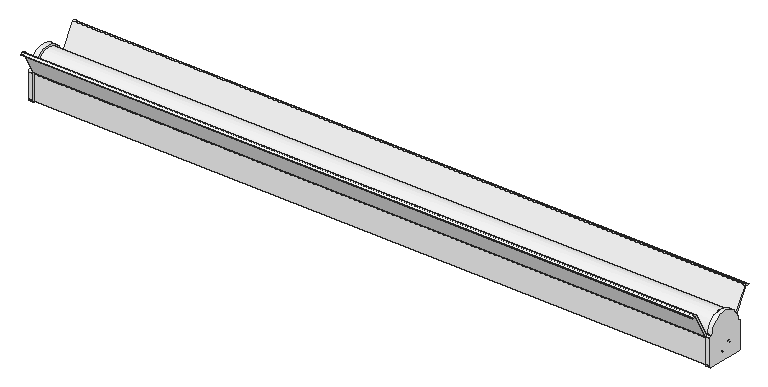
Revit family "0045190+0045233 Feilo Sylvania Lighting Fixture SYLBATTEN LED3 NW DALI TP5 with SYMMETRIC REFLECTOR ACCESSORY 1200MM", category Lighting Fixtures, host Face, Revit 2017
Family settings
  Host = Face
  Round Connector Dimension = Use Diameter
  Part Type = Normal
  OmniClass Number = 23.80.70.00
  OmniClass Title = Lighting
  Cut with Voids When Loaded = No
  Light Source = Yes
  Shared = No
  Room Calculation Point = No
Parameters (values of type "0045190 SYLBATTEN LED3 NW DALI TP5")
  Width_FEILO = 66 mm
  Weight = "2.544 kg"
  Wattage Comments = "n/a"
  Wattage = 26 W
  WarrantyStartDate [instance] = "n/a"
  WarrantyGuarantorParts = "n/a"
  WarrantyDurationUnit = "n/a"
  WarrantyDurationParts = "n/a"
  WarrantyDescription = "n/a"
  built-in parameter 1150110 = 1 (stored number, unit not read)
  Voltage = 230 V
  URL = "http://www.sylvania-lighting.com"
  TypeName = "SYLBATTEN LED3 NW DALI TP5"
  Type Image = <None>
  Type Comments = "n/a"
  built-in parameter 1114217 = 1 (stored number, unit not read)
  Tilt Angle = -90.00°
  built-in parameter 1150109 = 1 (stored number, unit not read)
  built-in parameter 1150134 = 12
  SymReflector_FEILO = yes
  built-in parameter 1150113 = 1 (stored number, unit not read)
  SerialNumber [instance] = "n/a"
  PowerFactor = 0
  PowerConsumption = "26 W"
  Photometric Web File = "0045190+0045233.ies"
  NominalLength = 1205 mm
  NominalHeight = 76 mm
  NominalDepth = 66 mm
  Name = "SYLBATTEN LED3 NW DALI TP5"
  ModelReference = Name  # "SYLBATTEN LED3 NW DALI TP5"
  ModelNumber = "0045190"
  Model = Name  # "SYLBATTEN LED3 NW DALI TP5"
  Material_4_FEILO = Reflector-Sylvania-Sylbatten-White
  Material_3_FEILO = Diffuser-Sylvania-Sylbatten-Glow
  Material_2_FEILO = Body-Sylvania-Sylbatten-White
  Material_1_FEILO = Body-Sylvania-Sylbatten-White
  Material = "sheet steel housing, polycarbonate diffuser"
  ManufacturerName = "Feilo Sylvania"
  Manufacturer = "Feilo Sylvania"
  LuminousEfficacy = "108.1 lm/W"
  built-in parameter 1150105 = 223.76 (stored number, unit not read)
  Lumens = 2811.9 lm
  LuminaireType = ""
  built-in parameter 1150115 = 1 (stored number, unit not read)
  LightOutputRatio = "100"
  built-in parameter 1150137 = (empty or 0)
  built-in parameter 1150139 = (empty or 0)
  Length_FEILO = 1205 mm
  LampsType = Lamp  # "LED"
  LampNominalLuminous = "2812 lm"
  LampMacAdamStep = "n/a"
  LampColourTemperature = "4000 K"
  LampColourRenderingIndex = "80"
  built-in parameter 1150112 = 1 (stored number, unit not read)
  built-in parameter 1150114 = 1 (stored number, unit not read)
  Lamp = "LED"
  Keynote = "16500"
  InstallationDate [instance] = "n/a"
  InputVoltage = "220-240V~"
  InputNominalFrequency = "n/a"
  built-in parameter 1150132 = (empty or 0)
  built-in parameter 1150102 = (empty or 0)
  built-in parameter 1150107 = 4000 (stored number, unit not read)
  built-in parameter 1150138 = (empty or 0)
  IngressProtection = "IP20"
  ImpactProtectionIndex = "IK07"
  built-in parameter 1150106 = 2.2376 (stored number, unit not read)
  IfcExportType = "IfcLightFixtureType"
  IfcExportAs = "IfcLightFixtureType"
  Height_FEILO = 76 mm
  ExpectedLife = 50000
  Emit from Rectangle Width = Length_FEILO - 16 mm  # 1189 mm
  Emit from Rectangle Length = Width_FEILO - 40 mm  # 26 mm
  Emit Shape Visible in Rendering = no
  ElectricShockClassification = "Class I"
  built-in parameter 1150104 = 10.047 (stored number, unit not read)
  DurationUnit = "hours"
  DocumentationLiterature = "http://www.sylvania-lighting.com/product/en-int/products/0045190"
  DimmingControlOptions = "Dimmable"
  Dimming Lamp Color Temperature Shift = <None>
  Description = "LED batten, T8 replacement, ease of installation through 2 part push-in design of the housing (safety cable included), through wiring capability (TP5 = 5 core), sheet steel, 2812LM, 26W, 108lm/W, 4000K, drive current: 350mA, CRI 80, 138° wide beam angle, DALI dimmable, IP20, IK07, 50,000 hrs (L70), (LxWxH) 1205x66x76mm, 5 step MacAdam ellipse, 3kg, white RAL 9016, Class 1, 220-240V, energy class: A++, A+, A."
  Default Elevation = 1219.2 mm
  CreatedOn = "2/22/2018"
  CreatedBy = ""
  Cost = 0
  Color Filter = 16777215
  built-in parameter 1114216 [instance] = (empty or 0)
  ClassificationValue = "EF_70_80"
  ClassificationName = "Uniclass2015"
  CapOffset_FEILO = 2 mm
  BarCode [instance] = "n/a"
  built-in parameter 1114218 = 1 (stored number, unit not read)
  BackReflector_FEILO = and(not(AsymReflector_FEILO), SymReflector_FEILO)  # yes
  built-in parameter 1150133 = 10 (stored number, unit not read)
  FrontReflector_FEILO = or(AsymReflector_FEILO, SymReflector_FEILO)  # yes
  AsymReflector_FEILO = no
  AssetType = "Fixed"
  AssetIdentifier [instance] = "n/a"
  Assembly Code = "D5020200"
  Apparent Load = 26 VA
Reference planes
  plane 1 "Center (Front/Back)": y = 0
  plane 2: z = 0
  plane 3 "Center (Left/Right)": x = 0
  plane 4: x = 602.5
  plane 5: x = -602.5
  plane 6: y = 33
  plane 7: y = -33
  plane 8: z = 76
  plane 9: z = 47
  plane 10: y = -29
  plane 11: y = 29
  plane 12: z = 20
  plane 13: z = 74
  plane 14: y = -31
  plane 15: y = -27
  plane 16: y = 27
  plane 17: y = 31
  plane 18: z = 2
  plane 19: x = -594.5
  plane 20: x = 594.5
  plane 21: z = 49
  plane 22: y = 1
  plane 23: y = -1
  plane 24: z = 21
  plane 25: z = 19
  plane 26: y = -61
  plane 27: y = 61
  plane 28: y = -56
  plane 29: y = 56
  plane 30: z = 91
  plane 31: z = 88
Forms (mm)
  Extrusion 1, solid, material "Body-Sylvania-Sylbatten-White" <- "Material_2_FEILO"
    sketch origin (0, 0, 0) x (0, 1, 0) y (0, 0, 1)
      loop
        line (-31, 2) -> (31, 2) -> (31, 45)
        arc (31, 45) -> (30.414, 46.414) -> (29, 47) r 2
        line (29, 47) -> (27, 47)
        arc (27, 47) -> (0, 74) -> (-27, 47) r 27
        line (-27, 47) -> (-29, 47)
        arc (-29, 47) -> (-30.414, 46.414) -> (-31, 45) r 2
        line (-31, 45) -> (-31, 2)
    from -594.5 to 594.5
  Extrusion 2, solid, material "Body-Sylvania-Sylbatten-White" <- "Material_2_FEILO"
    sketch origin (602.5, 1524, 1219.2) x (0, 1, 0) y (0, 0, 1)
      loop
        arc (-1494, -1219.2) -> (-1491.879, -1218.321) -> (-1491, -1216.2) r 3
        line (-1491, -1216.2) -> (-1491, -1173.2)
        arc (-1491, -1173.2) -> (-1491.879, -1171.079) -> (-1494, -1170.2) r 3
        line (-1494, -1170.2) -> (-1495.069, -1170.2)
        arc (-1495.069, -1170.2) -> (-1524, -1143.2) -> (-1552.931, -1170.2) r 29
        line (-1552.931, -1170.2) -> (-1554, -1170.2)
        arc (-1554, -1170.2) -> (-1556.121, -1171.079) -> (-1557, -1173.2) r 3
        line (-1557, -1173.2) -> (-1557, -1216.2)
        arc (-1557, -1216.2) -> (-1556.121, -1218.321) -> (-1554, -1219.2) r 3
        line (-1554, -1219.2) -> (-1494, -1219.2)
      loop
        arc (-1525, -1189.25) -> (-1531.071, -1192.129) -> (-1533.95, -1198.2) r 10
        line (-1533.95, -1198.2) -> (-1532.944, -1198.2)
        arc (-1532.944, -1198.2) -> (-1530.364, -1192.836) -> (-1525, -1190.256) r 9
        line (-1525, -1190.256) -> (-1525, -1189.25)
      loop
        arc (-1523, -1190.256) -> (-1517.636, -1192.836) -> (-1515.056, -1198.2) r 9
        line (-1515.056, -1198.2) -> (-1514.05, -1198.2)
        arc (-1514.05, -1198.2) -> (-1516.929, -1192.129) -> (-1523, -1189.25) r 10
        line (-1523, -1189.25) -> (-1523, -1190.256)
      loop
        line (-1532.944, -1200.2) -> (-1533.95, -1200.2)
        arc (-1533.95, -1200.2) -> (-1531.071, -1206.271) -> (-1525, -1209.15) r 10
        line (-1525, -1209.15) -> (-1525, -1208.144)
        arc (-1525, -1208.144) -> (-1530.364, -1205.564) -> (-1532.944, -1200.2) r 9
      loop
        arc (-1515.056, -1200.2) -> (-1517.636, -1205.564) -> (-1523, -1208.144) r 9
        line (-1523, -1208.144) -> (-1523, -1209.15)
        arc (-1523, -1209.15) -> (-1516.929, -1206.271) -> (-1514.05, -1200.2) r 10
        line (-1514.05, -1200.2) -> (-1515.056, -1200.2)
    from 0 to -8
  Extrusion 3, solid, material "Body-Sylvania-Sylbatten-White" <- "Material_2_FEILO"
    sketch origin (-602.5, 1524, 1219.2) x (0, 1, 0) y (0, 0, 1)
      loop
        arc (-1495.069, -1170.2) -> (-1524, -1143.2) -> (-1552.931, -1170.2) r 29
        line (-1552.931, -1170.2) -> (-1554, -1170.2)
        arc (-1554, -1170.2) -> (-1556.121, -1171.079) -> (-1557, -1173.2) r 3
        line (-1557, -1173.2) -> (-1557, -1216.2)
        arc (-1557, -1216.2) -> (-1556.121, -1218.321) -> (-1554, -1219.2) r 3
        line (-1554, -1219.2) -> (-1494, -1219.2)
        arc (-1494, -1219.2) -> (-1491.879, -1218.321) -> (-1491, -1216.2) r 3
        line (-1491, -1216.2) -> (-1491, -1173.2)
        arc (-1491, -1173.2) -> (-1491.879, -1171.079) -> (-1494, -1170.2) r 3
        line (-1494, -1170.2) -> (-1495.069, -1170.2)
      loop
        line (-1533.95, -1198.2) -> (-1532.944, -1198.2)
        arc (-1532.944, -1198.2) -> (-1530.364, -1192.836) -> (-1525, -1190.256) r 9
        line (-1525, -1190.256) -> (-1525, -1189.25)
        arc (-1525, -1189.25) -> (-1531.071, -1192.129) -> (-1533.95, -1198.2) r 10
      loop
        line (-1523, -1189.25) -> (-1523, -1190.256)
        arc (-1523, -1190.256) -> (-1517.636, -1192.836) -> (-1515.056, -1198.2) r 9
        line (-1515.056, -1198.2) -> (-1514.05, -1198.2)
        arc (-1514.05, -1198.2) -> (-1516.929, -1192.129) -> (-1523, -1189.25) r 10
      loop
        line (-1514.05, -1200.2) -> (-1515.056, -1200.2)
        arc (-1515.056, -1200.2) -> (-1517.636, -1205.564) -> (-1523, -1208.144) r 9
        line (-1523, -1208.144) -> (-1523, -1209.15)
        arc (-1523, -1209.15) -> (-1516.929, -1206.271) -> (-1514.05, -1200.2) r 10
      loop
        line (-1525, -1209.15) -> (-1525, -1208.144)
        arc (-1525, -1208.144) -> (-1530.364, -1205.564) -> (-1532.944, -1200.2) r 9
        line (-1532.944, -1200.2) -> (-1533.95, -1200.2)
        arc (-1533.95, -1200.2) -> (-1531.071, -1206.271) -> (-1525, -1209.15) r 10
    from 0 to 8
  Extrusion 4, solid, material "Reflector-Sylvania-Sylbatten-White" <- "Material_4_FEILO", visible <- "FrontReflector_FEILO"
    sketch origin (0, 0, 0) x (0, 1, 0) y (0, 0, 1)
      loop
        line (-61.257, 88.429) -> (-60.743, 87.571) -> (-56.621, 90.044)
        arc (-56.621, 90.044) -> (-56.237, 90.099) -> (-55.929, 89.863) r 0.5
        line (-55.929, 89.863) -> (-31.435, 46.753) -> (-30.565, 47.247) -> (-55.312, 90.802)
        arc (-55.312, 90.802) -> (-55.928, 91.275) -> (-56.696, 91.165) r 1
        line (-56.696, 91.165) -> (-61.257, 88.429)
    from -594.5 to 594.5
  Extrusion 5, solid, material "Reflector-Sylvania-Sylbatten-White" <- "Material_4_FEILO", visible <- "BackReflector_FEILO"
    sketch origin (0, 0, 0) x (0, 1, 0) y (0, 0, 1)
      loop
        line (30.565, 47.247) -> (31.435, 46.753) -> (55.932, 89.868)
        arc (55.932, 89.868) -> (56.245, 90.112) -> (56.638, 90.062) r 0.518
        line (56.638, 90.062) -> (61.033, 87.565) -> (61.527, 88.435) -> (56.682, 91.188)
        arc (56.682, 91.188) -> (55.922, 91.282) -> (55.318, 90.812) r 1
        line (55.318, 90.812) -> (30.565, 47.247)
    from -594.5 to 594.5
Lines and regions (mm)
  reference lines
    curve 1: line (0, -61, 88) -> (0, -56, 91)
    curve 2: line (0, -56, 91) -> (0, -31, 47)
    curve 3: line (0, 31, 47) -> (0, 56, 91)
    curve 4: line (0, 56, 91) -> (0, 61.28, 88)
Dimensions and locks
  equal spacing: plane 5, plane 3 "Center (Left/Right)", plane 4
  equal spacing: plane 7, plane 1 "Center (Front/Back)", plane 6
  "Width_FEILO": plane 7 to plane 6
  "Length_FEILO": plane 5 to plane 4
  "Height_FEILO": plane 8 to plane 2
  locked: plane 9 to plane 8 at 29
  equal spacing: plane 10, plane 1 "Center (Front/Back)", plane 11
  locked: plane 7 to plane 10 at 4
  locked: plane 12 to plane 2 at 20
  "CapOffset_FEILO": plane 13 to plane 8
  "CapOffset_FEILO": plane 7 to plane 14
  "CapOffset_FEILO": plane 10 to plane 15
  "CapOffset_FEILO": plane 17 to plane 6
  "CapOffset_FEILO": plane 16 to plane 11
  "CapOffset_FEILO": plane 18 to plane 2
  locked: plane 14 to Extrusion 1 sketch curve at 2
  locked: Extrusion 1 sketch curve to plane 9 at 2  (x2)
  locked: plane 16 to Extrusion 1 sketch curve at 2
  equal spacing: plane 19, plane 3 "Center (Left/Right)", plane 20
  locked: plane 5 to plane 19 at 8
  "CapOffset_FEILO": plane 9 to plane 21
  locked: Extrusion 2 sketch curve to plane 2 at 47
  locked: Extrusion 1 sketch curve to plane 2 at 47
  locked: Extrusion 2 sketch curve to plane 2 at 3  (x2)
  locked: plane 7 to Extrusion 2 sketch curve at 3  (x2)
  locked: Extrusion 2 sketch curve to plane 6 at 3  (x2)
  locked: Extrusion 2 sketch curve to plane 21 at 3  (x2)
  equal spacing: plane 23, plane 1 "Center (Front/Back)", plane 22
  equal spacing: plane 25, plane 12, plane 24
  plane 30 to plane 31 to plane 2 = 3 mm locked, 88 mm locked
  plane 28 to plane 29 = 112 mm
  plane 26 to plane 27 = 122 mm
  aligned and locked: plane 2 to host face
  aligned and locked: level to host face
  aligned and locked: plane 18 to Extrusion 1 sketch curve
  aligned and locked: plane 14 to Extrusion 1 sketch curve
  aligned and locked: Extrusion 1 sketch curve to plane 9  (x2)
  aligned and locked: Extrusion 1 sketch curve to plane 17
  aligned and locked: plane 15 to Extrusion 1 sketch curve
  aligned and locked: plane 16 to Extrusion 1 sketch curve
  aligned and locked: plane 9 to Extrusion 1 sketch curve
  aligned and locked: plane 20 to Extrusion 1
  aligned and locked: level to Extrusion 2 sketch curve
  aligned and locked: Extrusion 2 sketch curve to plane 7
  aligned and locked: plane 21 to Extrusion 2 sketch curve
  aligned and locked: Extrusion 2 sketch curve to plane 21
  aligned and locked: plane 1 "Center (Front/Back)" to Extrusion 2 sketch curve  (x3)
  aligned and locked: Extrusion 2 to Extrusion 1
  aligned and locked: plane 4 to Extrusion 2
  aligned and locked: plane 12 to Extrusion 2 sketch curve  (x2)
  aligned and locked: Extrusion 2 sketch curve to plane 22
  aligned and locked: Extrusion 2 sketch curve to plane 23
  aligned and locked: Extrusion 2 sketch curve to plane 24
  aligned and locked: Extrusion 2 sketch curve to plane 25
  aligned and locked: plane 25 to Extrusion 2 sketch curve
  aligned and locked: plane 22 to Extrusion 2 sketch curve
  aligned and locked: plane 24 to Extrusion 2 sketch curve
  aligned and locked: plane 23 to Extrusion 2 sketch curve  (x2)
  aligned and locked: Extrusion 3 sketch curve to Extrusion 2  (x22)
  aligned and locked: Extrusion 3 to Extrusion 1
  aligned and locked: Extrusion 3 to plane 5
  aligned and locked: plane 19 to Extrusion 3
  aligned and locked: plane 31 to curve 1
  aligned and locked: plane 30 to curve 1
  aligned and locked: plane 14 to curve 2
  aligned and locked: plane 9 to curve 2
  aligned and locked: plane 17 to curve 3
  aligned and locked: plane 30 to curve 3
  aligned and locked: plane 31 to curve 4
  aligned and locked: Extrusion 4 sketch curve to curve 2
  aligned and locked: Extrusion 4 sketch curve to curve 1
  aligned and locked: Extrusion 4 to Extrusion 1
  aligned and locked: Extrusion 1 to Extrusion 4
  aligned and locked: imposter light to plane 1 "Center (Front/Back)"
  aligned and locked: imposter light to plane 3 "Center (Left/Right)"
  aligned and locked: imposter light to plane 13
  aligned and locked: Extrusion 5 sketch curve to curve 4
  aligned and locked: Extrusion 5 sketch curve to curve 3
  aligned and locked: Extrusion 1 to Extrusion 5
  aligned and locked: Extrusion 5 to Extrusion 1
Automatic sketch dimensions
  host sketch curve to host sketch curve = 2438.4 mm  (x2)
  Extrusion 2 sketch curve to Extrusion 2 sketch curve = 0 mm  (x14)
  Extrusion 2 sketch curve to plane 10 = 0.069 mm
  plane 23 to Extrusion 2 sketch curve = 8.95 mm
  Extrusion 2 sketch curve to Extrusion 2 sketch curve = 1.006 mm  (x4)
  Extrusion 2 sketch curve to plane 22 = 7.944 mm
  curve 1 to plane 26 = 0 mm
  curve 2 to plane 28 = 0 mm
  curve 4 to plane 29 = 0 mm
  plane 9 to curve 3 = 0 mm
  plane 26 to Extrusion 4 sketch curve = 0.257 mm
  Extrusion 4 sketch curve to plane 26 = 0.257 mm
  Extrusion 4 sketch curve to plane 30 = 0.165 mm
  plane 28 to Extrusion 4 sketch curve = 0.696 mm
  plane 28 to Extrusion 4 sketch curve = 0.621 mm
  plane 28 to Extrusion 4 sketch curve = 0.364 mm
  plane 28 to Extrusion 4 sketch curve = 0.182 mm
  Extrusion 4 sketch curve to plane 28 = 0.071 mm
  plane 30 to Extrusion 4 sketch curve = 0.198 mm
  Extrusion 4 sketch curve to plane 28 = 0.688 mm
  plane 9 to Extrusion 4 sketch curve = 0.247 mm
  plane 1 "Center (Front/Back)" to Extrusion 4 sketch curve = 31.435 mm
  Extrusion 5 sketch curve to plane 9 = 0.247 mm
  Extrusion 5 sketch curve to plane 1 "Center (Front/Back)" = 30.565 mm
  plane 9 to Extrusion 5 sketch curve = 0.247 mm
  plane 30 to Extrusion 5 sketch curve = 0.188 mm
  plane 29 to Extrusion 5 sketch curve = 0.068 mm
  Extrusion 5 sketch curve to plane 29 = 0.188 mm
  Extrusion 5 sketch curve to plane 29 = 0.382 mm
  Extrusion 5 sketch curve to Extrusion 5 sketch curve = 0.256 mm
  Extrusion 5 sketch curve to plane 30 = 0.188 mm
  Extrusion 5 sketch curve to plane 29 = 0.682 mm
  Extrusion 5 sketch curve to plane 27 = 0.033 mm
  Extrusion 5 sketch curve to plane 27 = 0.527 mm
Connectors
  electrical at (0, 0, 0), driven by "Apparent Load", driven by "PowerFactor", driven by "Voltage"
    settings: index 1, voltage 230 V, apparent load 26 VA, apparent load phase1 0 VA, apparent load phase2 0 VA, apparent load phase3 0 VA, power factor 0, load classification "Lighting", number of poles 1, system type 30, power factor state 1, is connector primary yes, connector utility no, sub classification motor no, connector description ""
